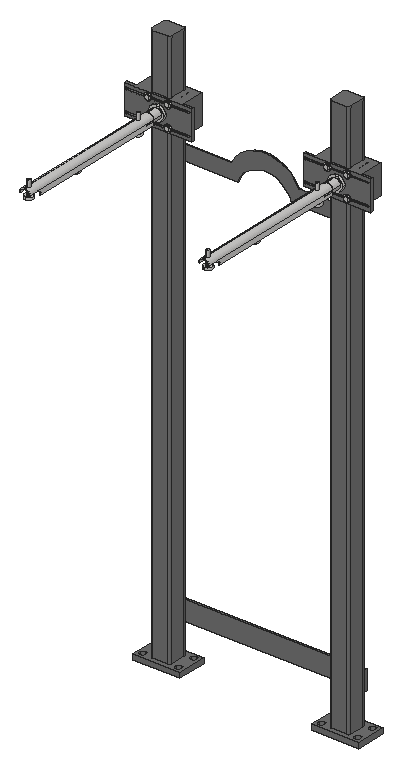
Revit family
Parameters (values of type "0710")
  Warranty = "1 year material and workmanship"
  Vent Connection Dia. = 0"
  URL = "http://JRSmith.com"
  Technical and Installation = "http://www.jrsmith.com/products/lav/techdata/td_index.htm"
  SmartBIM Object Version = 3  # constant formula
  SmartBIM Object Created By = "Reed Construction Data"  # constant formula
  Product URL = "http://www.jrsmith.com/products/lav/submittal/d0710.pdf"
  OmniClass Title = "Commercial Lavatories and Sinks"
  OmniClass Code = "22-22 42 16"
  Model = "0710"  # constant formula
  Max. Static Load = ""
  Material Finish = Duco Coated
  Material = "Cast Iron"
  Manufacturer = "Jay R. Smith Mfg. Co. "
  Locking Device Offset [instance] = 9"
  Description = "Labor Saver Lavatory Supports with Concealed Arms - Floor Mounted"
  Bolts = Stainless Steel Polished Brushed
  Assembly Code = "D2010310"
  Arm Spacing [instance] = 18"
  Arm Height [instance] = 50"
  95 CSI = "15050"  # constant formula
  04 CSI = "22 05 29"  # constant formula
Reference planes (in)
  plane 1 "Center (Front/Back)": y = 0
  plane 2: z = 0
  plane 3 "Center (Left/Right)": x = -15.69925
  plane 4: z = 50
  plane 5: y = 1.5
  plane 6: y = -1.5
  plane 7: z = 0.5
  plane 8: x = -26.51175
  plane 9: y = 0.9375
  plane 10: y = -0.9375
  plane 11: x = -4.88675
  plane 12: z = 57
  plane 13: x = -24.69925
  plane 14: x = -6.69925
  plane 15: x = -22.88675
  plane 16: x = -8.51175
  plane 17: x = -27.07425
  plane 18: x = -22.32425
  plane 19: x = -4.32425
  plane 20: x = -9.07425
  plane 21: x = -25.69925
  plane 22: x = -23.69925
  plane 23: x = -5.69925
  plane 24: x = -7.69925
  plane 25: y = 1
  plane 26: y = -1
  plane 27: z = 51.5
  plane 28: z = 48.5
  plane 29: y = -3.75
  plane 30: y = 1.25
  plane 31: y = -1.25
  plane 32: z = 51.07938
  plane 33: z = 48.92062
  plane 34: y = -2.5
  plane 35: z = 46.5
  plane 36: z = 45
  plane 37: y = -18
  plane 38: y = -11.5
  plane 39: y = -17.5
Forms (in)
  Extrusion 1, solid, material "Duco Coated" <- "Material Finish"
    sketch origin (0, 0, 0) x (1, 0, 0) y (0, 1, 0)
      loop
        line (-9.07425, 1.5) -> (-9.07425, -1.5) -> (-4.32425, -1.5) -> (-4.32425, 1.5) -> (-9.07425, 1.5)
      loop
        circle (-8.51175, 0.9375) r 0.3125
      loop
        circle (-8.51175, -0.9375) r 0.3125
      loop
        circle (-4.88675, -0.9375) r 0.3125
      loop
        circle (-4.88675, 0.9375) r 0.3125
      loop
        circle (-26.51175, -0.9375) r 0.3125
      loop
        circle (-22.88675, -0.9375) r 0.3125
      loop
        circle (-22.88675, 0.9375) r 0.3125
      loop
        circle (-26.51175, 0.9375) r 0.3125
      loop
        line (-22.32425, 1.5) -> (-27.07425, 1.5) -> (-27.07425, -1.5) -> (-22.32425, -1.5) -> (-22.32425, 1.5)
    from 0 to 0.5
  Extrusion 2, solid, material "Duco Coated" <- "Material Finish"
    sketch origin (0, 0, 0) x (1, 0, 0) y (0, 1, 0)
      loop
        line (-7.44925, -1) -> (-5.94925, -1)
        arc (-5.94925, -1) -> (-5.77248, -0.92678) -> (-5.69925, -0.75) r 0.25
        line (-5.69925, -0.75) -> (-5.69925, 0.75)
        arc (-5.69925, 0.75) -> (-5.77248, 0.92678) -> (-5.94925, 1) r 0.25
        line (-5.94925, 1) -> (-7.44925, 1)
        arc (-7.44925, 1) -> (-7.62603, 0.92678) -> (-7.69925, 0.75) r 0.25
        line (-7.69925, 0.75) -> (-7.69925, -0.75)
        arc (-7.69925, -0.75) -> (-7.62603, -0.92678) -> (-7.44925, -1) r 0.25
      loop
        line (-25.44925, -1) -> (-23.94925, -1)
        arc (-23.94925, -1) -> (-23.77248, -0.92678) -> (-23.69925, -0.75) r 0.25
        line (-23.69925, -0.75) -> (-23.69925, 0.75)
        arc (-23.69925, 0.75) -> (-23.77248, 0.92678) -> (-23.94925, 1) r 0.25
        line (-23.94925, 1) -> (-25.44925, 1)
        arc (-25.44925, 1) -> (-25.62603, 0.92678) -> (-25.69925, 0.75) r 0.25
        line (-25.69925, 0.75) -> (-25.69925, -0.75)
        arc (-25.69925, -0.75) -> (-25.62603, -0.92678) -> (-25.44925, -1) r 0.25
    from 0.5 to 57
  Extrusion 3, solid, material "Duco Coated" <- "Material Finish"
    sketch origin (0, 0, 0) x (1, 0, 0) y (0, 0, 1)
      loop
        line (-21.32425, 51.5) -> (-28.07425, 51.5) -> (-28.07425, 48.5) -> (-21.32425, 48.5) -> (-21.32425, 51.5)
      loop
        line (-10.07425, 51.5) -> (-10.07425, 48.5) -> (-3.32425, 48.5) -> (-3.32425, 51.5) -> (-10.07425, 51.5)
      loop
        arc (-9.82425, 51.20438) -> (-9.94925, 51.07938) -> (-9.82425, 50.95438) r 0.125
        line (-9.82425, 50.95438) -> (-3.57425, 50.95438)
        arc (-3.57425, 50.95438) -> (-3.44925, 51.07938) -> (-3.57425, 51.20438) r 0.125
        line (-3.57425, 51.20438) -> (-9.82425, 51.20438)
      loop
        line (-9.82425, 48.79562) -> (-3.57425, 48.79562)
        arc (-3.57425, 48.79562) -> (-3.44925, 48.92062) -> (-3.57425, 49.04562) r 0.125
        line (-3.57425, 49.04562) -> (-9.82425, 49.04562)
        arc (-9.82425, 49.04562) -> (-9.94925, 48.92062) -> (-9.82425, 48.79562) r 0.125
      loop
        line (-21.57425, 51.20438) -> (-27.82425, 51.20438)
        arc (-27.82425, 51.20438) -> (-27.94925, 51.07938) -> (-27.82425, 50.95438) r 0.125
        line (-27.82425, 50.95438) -> (-21.57425, 50.95438)
        arc (-21.57425, 50.95438) -> (-21.44925, 51.07938) -> (-21.57425, 51.20438) r 0.125
      loop
        arc (-21.57425, 48.79562) -> (-21.44925, 48.92062) -> (-21.57425, 49.04562) r 0.125
        line (-21.57425, 49.04562) -> (-27.82425, 49.04562)
        arc (-27.82425, 49.04562) -> (-27.94925, 48.92062) -> (-27.82425, 48.79562) r 0.125
        line (-27.82425, 48.79562) -> (-21.57425, 48.79562)
    from 1 to 1.25
  Extrusion 4, solid, material "Stainless Steel Polished Brushed" <- "Bolts"
    sketch origin (0, 0, 0) x (1, 0, 0) y (0, 0, 1)
      loop
        circle (-24.69925, 50) r 0.75
      loop
        circle (-24.69925, 50) r 0.5
      loop
        circle (-6.69925, 50) r 0.75
      loop
        circle (-6.69925, 50) r 0.5
    from 1.25 to 1.5
  Extrusion 5, solid, material "Stainless Steel Polished Brushed" <- "Bolts"
    sketch origin (0, 0, 0) x (1, 0, 0) y (0, 0, 1)
      loop
        circle (-24.69925, 50) r 0.5
      loop
        circle (-24.69925, 50) r 0.4375
    from 1.5 to 2.5
  Extrusion 6, solid, material "Duco Coated" <- "Material Finish"
    sketch origin (0, 0, 0) x (1, 0, 0) y (0, 0, 1)
      loop
        line (-24.69925, 46.5) -> (-24.69925, 45) -> (-18.40893, 45)
        arc (-18.40893, 45) -> (-15.69862, 46.89304) -> (-12.98832, 45) r 2.88673
        line (-12.98832, 45) -> (-6.69925, 45) -> (-6.69925, 46.5) -> (-12.32425, 46.5)
        arc (-12.32425, 46.5) -> (-15.69925, 48.54643) -> (-19.07425, 46.5) r 3.80626
        line (-19.07425, 46.5) -> (-24.69925, 46.5)
    from -1 to -0.9375
  Extrusion 7, solid, material "Stainless Steel Polished Brushed" <- "Bolts"
    sketch origin (-28.93228, 0, 2.08485) x (-1, 0, 0) y (0, 0, -1)
      loop
        circle (-22.23303, -47.91515) r 0.5
      loop
        circle (-22.23303, -47.91515) r 0.4375
    from 1.5 to 2.5
  Extrusion 8, solid, material "Stainless Steel Polished Brushed" <- "Bolts"
    sketch origin (0, 0, 0) x (1, 0, 0) y (0, 0, 1)
      loop
        circle (-24.69925, 50) r 0.4375
      loop
        circle (-6.69925, 50) r 0.4375
    from 2.5 to 3.75
  Extrusion 9, solid, material "Stainless Steel Polished Brushed" <- "Bolts"
    sketch origin (0, 0, 0) x (1, 0, 0) y (0, 0, 1)
      loop
        line (-24.26175, 50) -> (-24.26175, 49.5) -> (-24.19925, 49.5) -> (-24.19925, 50)
        arc (-24.19925, 50) -> (-24.69925, 50.5) -> (-25.19925, 50) r 0.5
        line (-25.19925, 50) -> (-25.19925, 49.5) -> (-25.13675, 49.5) -> (-25.13675, 50)
        arc (-25.13675, 50) -> (-24.69925, 50.4375) -> (-24.26175, 50) r 0.4375
      loop
        arc (-6.19925, 50) -> (-6.69925, 50.5) -> (-7.19925, 50) r 0.5
        line (-7.19925, 50) -> (-7.19925, 49.5) -> (-7.13675, 49.5) -> (-7.13675, 50)
        arc (-7.13675, 50) -> (-6.69925, 50.4375) -> (-6.26175, 50) r 0.4375
        line (-6.26175, 50) -> (-6.26175, 49.5) -> (-6.19925, 49.5) -> (-6.19925, 50)
    from 2.5 to 18
  Extrusion 10, void
    sketch origin (-15.69925, 0, 0) x (0, 1, 0) y (0, 0, 1)
      loop
        arc (-16.625, 49.5) -> (-16.77145, 49.85355) -> (-17.125, 50) r 0.5
        line (-17.125, 50) -> (-18, 50) -> (-18, 49.5) -> (-16.625, 49.5)
    from -11.375 to 11.375
  Revolve 11, solid, material "Stainless Steel Polished Brushed" <- "Bolts"
    sketch origin (-24.69925, 7.89065, 48) x (0, 1, 0) y (0, 0, 1)
      loop
        line (-25.39065, 3.07938) -> (-25.39065, 1.48254) -> (-24.9627, 1.48254) -> (-24.9627, 1.64755) -> (-25.25709, 1.64755) -> (-25.25709, 3.07938) -> (-25.39065, 3.07938)
      axis (-25.39065, 3.07938) -> (-25.39065, 1.48254)
    angle from 0 to 360
  Revolve 12, solid, material "Stainless Steel Polished Brushed" <- "Bolts"
    sketch origin (-6.69925, 7.89065, 48) x (0, 1, 0) y (0, 0, 1)
      loop
        line (-25.39065, 3.07938) -> (-25.39065, 1.48254) -> (-24.9627, 1.48254) -> (-24.9627, 1.64755) -> (-25.25709, 1.64755) -> (-25.25709, 3.07938) -> (-25.39065, 3.07938)
      axis (-25.39065, 3.07938) -> (-25.39065, 1.48254)
    angle from 0 to 360
  Revolve 13, solid, material "Stainless Steel Polished Brushed" <- "Bolts"
    sketch origin (-24.69925, 7.89065, 48) x (0, 1, 0) y (0, 0, 1)
      loop
        line (-19.07518, 1.5) -> (-19.39065, 1.5) -> (-19.39065, 1.08664) -> (-19.35693, 1.08664) -> (-19.31793, 1.08664) -> (-19.27521, 1.08664) -> (-19.23057, 1.08664) -> (-19.23057, 1.12462) -> (-19.23057, 1.16762) -> (-19.23057, 1.22) -> (-19.16328, 1.22) -> (-19.12427, 1.22) -> (-19.07518, 1.22) -> (-19.07518, 1.25677) -> (-19.07518, 1.29502) -> (-19.07518, 1.35067) -> (-19.07518, 1.40284) -> (-19.07518, 1.45153) -> (-19.07518, 1.5)
      axis (-19.39065, 1.5) -> (-19.39065, 1.08664)
    angle from 0 to 360
  Revolve 14, solid, material "Stainless Steel Polished Brushed" <- "Bolts"
    sketch origin (-24.69925, 7.89065, 48) x (0, 1, 0) y (0, 0, 1)
      loop
        line (-11.64065, 3.07938) -> (-11.64065, 1.13879) -> (-11.24395, 1.13879) -> (-11.24395, 1.3038) -> (-11.50709, 1.3038) -> (-11.50709, 3.07938) -> (-11.64065, 3.07938)
      axis (-11.64065, 3.07938) -> (-11.64065, 1.13879)
    angle from 0 to 360
  Revolve 15, solid, material "Stainless Steel Polished Brushed" <- "Bolts"
    sketch origin (-6.69925, 7.89065, 48) x (0, 1, 0) y (0, 0, 1)
      loop
        line (-19.07518, 1.5) -> (-19.39065, 1.5) -> (-19.39065, 1.08664) -> (-19.23057, 1.08664) -> (-19.23057, 1.22) -> (-19.07518, 1.22) -> (-19.07518, 1.5)
      axis (-19.39065, 1.5) -> (-19.39065, 1.08664)
    angle from 0 to 360
  Revolve 16, solid, material "Stainless Steel Polished Brushed" <- "Bolts"
    sketch origin (-6.69925, 7.89065, 48) x (0, 1, 0) y (0, 0, 1)
      loop
        line (-11.64065, 3.07938) -> (-11.64065, 1.13879) -> (-11.24395, 1.13879) -> (-11.24395, 1.3038) -> (-11.50709, 1.3038) -> (-11.50709, 3.07938) -> (-11.64065, 3.07938)
      axis (-11.64065, 3.07938) -> (-11.64065, 1.13879)
    angle from 0 to 360
  Extrusion 17, solid, material "Duco Coated" <- "Material Finish"
    sketch origin (0, 0, 0) x (1, 0, 0) y (0, 1, 0)
      loop
        line (-27.07425, -1) -> (-22.32425, -1) -> (-22.32425, 1.25) -> (-27.07425, 1.25) -> (-27.07425, -1)
      loop
        line (-4.32425, -1) -> (-4.32425, 1.25) -> (-9.07425, 1.25) -> (-9.07425, -1) -> (-4.32425, -1)
    from 48.5 to 51.5
  Extrusion 18, solid, material "Stainless Steel Polished Brushed" <- "Bolts"
    sketch origin (-24.69925, 7.89065, 48) x (0, 1, 0) y (0, 0, 1)
      loop
        line (-18.55442, 1.5) -> (-20.22688, 1.5) -> (-20.22688, 1.23158) -> (-20.01433, 1.3543) -> (-18.76696, 1.3543) -> (-18.55442, 1.23158) -> (-18.55442, 1.5)
    from -0.11513 to 0.12125
  Extrusion 19, solid, material "Stainless Steel Polished Brushed" <- "Bolts"
    sketch origin (-6.69925, 7.89065, 48) x (0, 1, 0) y (0, 0, -1)
      loop
        line (-18.55442, -1.5) -> (-18.55442, -1.23158) -> (-18.76696, -1.3543) -> (-20.01433, -1.3543) -> (-20.22688, -1.23158) -> (-20.22688, -1.5) -> (-18.55442, -1.5)
    from -0.11513 to 0.12125
  Extrusion 20, solid, material "Stainless Steel Polished Brushed" <- "Bolts"
    sketch origin (-15.69925, 0, 0) x (0, 1, 0) y (0, 0, 1)
      loop
        line (-10.66377, 49.5) -> (-10.66377, 49.62321) -> (-12.33623, 49.62321) -> (-12.33623, 49.5) -> (-10.66377, 49.5)
    from -9.5 to -8.5
  Extrusion 21, solid, material "Stainless Steel Polished Brushed" <- "Bolts"
    sketch origin (-15.69925, 0, 0) x (0, 1, 0) y (0, 0, 1)
      loop
        line (-10.66377, 49.5) -> (-10.66377, 49.62321) -> (-12.33623, 49.62321) -> (-12.33623, 49.5) -> (-10.66377, 49.5)
    from 8.5 to 9.5
  Extrusion 22, solid, material "Duco Coated" <- "Material Finish"
    sketch origin (-26.14057, 1, 48) x (-1, 0, 0) y (0, 0, 1)
      loop
        line (-0.44131, -44.5) -> (-0.44131, -42.5) -> (-20.44131, -42.5) -> (-20.44131, -44.5) -> (-0.44131, -44.5)
    from 0 to 0.25
Cuts and joins
  Extrusion 10 cuts Extrusion 9
  joined: Extrusion 4, Extrusion 8, Extrusion 9, Revolve 11, Revolve 12, Revolve 13, Revolve 14, Revolve 16, Extrusion 18, Extrusion 20, Extrusion 21
  joined: Revolve 15, Extrusion 19
  joined: Extrusion 1, Extrusion 2, Extrusion 3, Extrusion 6, Extrusion 17, Extrusion 22
Lines and regions (in)
  sketch lines
    curve 1: line (-75.69925, 60, 0) -> (44.30075, 60, 0)
    curve 2: line (-75.69925, 60, 0) -> (-75.69925, -60, 0)
    curve 3: line (-75.69925, -60, 0) -> (44.30075, -60, 0)
    curve 4: line (44.30075, 60, 0) -> (44.30075, -60, 0)
Dimensions and locks (in)
  equal spacing: curve 3, plane 1 "Center (Front/Back)", curve 1
  equal spacing: curve 4, plane 3 "Center (Left/Right)", curve 2
  curve 3 to curve 1 = 120"
  curve 2 to curve 4 = 120"
  "Arm Height": plane 4 to level
  equal spacing: plane 5, plane 1 "Center (Front/Back)", plane 6
  locked: plane 5 to plane 6 at 3
  locked: plane 7 to level at 0.5
  locked: plane 5 to plane 9 at 0.5625
  locked: plane 6 to plane 10 at 0.5625
  plane 8 to plane 11 = 21 5/8"
  locked: plane 12 to plane 4 at 7
  equal spacing: plane 13, plane 3 "Center (Left/Right)", plane 14
  "Arm Spacing": plane 13 to plane 14
  equal spacing: plane 8, plane 3 "Center (Left/Right)", plane 11
  plane 15 to plane 16 = 14 3/8"
  equal spacing: plane 15, plane 3 "Center (Left/Right)", plane 16
  equal spacing: plane 17, plane 13, plane 18
  locked: plane 17 to plane 18 at 4.75
  equal spacing: plane 19, plane 14, plane 20
  locked: plane 19 to plane 20 at 4.75
  equal spacing: plane 21, plane 13, plane 22
  locked: plane 21 to plane 22 at 2
  equal spacing: plane 23, plane 14, plane 24
  locked: plane 23 to plane 24 at 2
  equal spacing: plane 26, plane 1 "Center (Front/Back)", plane 25
  locked: plane 25 to plane 26 at 2
  locked: plane 27 to plane 28 at 3
  equal spacing: plane 27, plane 4, plane 28
  locked: plane 1 "Center (Front/Back)" to plane 29 at 3.75
  locked: plane 30 to plane 25 at 0.25
  locked: plane 26 to plane 31 at 0.25
  equal spacing: Extrusion 3 sketch curve, plane 13, Extrusion 3 sketch curve
  locked: Extrusion 3 sketch curve to Extrusion 3 sketch curve at 6.75  (x2)
  equal spacing: Extrusion 3 sketch curve, plane 14, Extrusion 3 sketch curve
  locked: Extrusion 3 sketch curve to Extrusion 3 sketch curve at 0.125  (x8)
  locked: Extrusion 3 sketch curve to Extrusion 3 sketch curve at 0.29562  (x2)
  locked: Extrusion 3 sketch curve to Extrusion 3 sketch curve at 0.25  (x4)
  locked: Extrusion 3 sketch curve to plane 28 at 0.29562
  locked: plane 27 to Extrusion 3 sketch curve at 0.29562
  equal spacing: plane 32, plane 4, plane 33
  locked: plane 32 to plane 33 at 2.15877
  locked: plane 34 to plane 6 at 1
  locked: plane 28 to plane 35 at 2
  locked: plane 35 to plane 36 at 1.5
  locked: plane 4 to Extrusion 9 sketch curve at 0.5  (x4)
  locked: plane 38 to plane 39 at 6
  locked: plane 39 to plane 37 at 0.5
  locked: Revolve 11 sketch curve to Revolve 11 sketch curve at 0.16501
  locked: Revolve 11 sketch curve to plane 39 at 0.13355
  locked: Revolve 12 sketch curve to Revolve 12 sketch curve at 0.16501
  "Locking Device Offset": plane 34 to plane 38
  locked: plane 17 to Extrusion 1 sketch curve at 0.5625  (x2)
  locked: Extrusion 1 sketch curve to plane 18 at 0.5625  (x2)
  locked: Extrusion 1 sketch curve to plane 19 at 0.5625  (x2)
  locked: plane 20 to Extrusion 1 sketch curve at 0.5625  (x2)
  locked: plane 5 to Extrusion 1 sketch curve at 0.5625  (x2)
  locked: plane 6 to Extrusion 1 sketch curve at 0.5625  (x2)
  locked: Revolve 14 sketch curve to Revolve 14 sketch curve at 0.16501
  locked: Revolve 14 sketch curve to Revolve 14 sketch curve at 0.13355  (x2)
  locked: Revolve 16 sketch curve to Revolve 16 sketch curve at 0.16501
  locked: Revolve 16 sketch curve to Revolve 16 sketch curve at 0.13355  (x2)
  locked: Extrusion 6 sketch curve to plane 35 at 0.39304
  locked: cut or joined group 1 (Extrusion 4, Extrusion 8, Extrusion 9, Extrusion 10, Revolve 11, Revolve 12, Revolve 13, Revolve 14, Revolve 16, Extrusion 18, Extrusion 20, Extrusion 21) to Extrusion 20 sketch curve at 0.12321
  Extrusion 22 sketch curve to Extrusion 22 sketch curve to plane 7 = 2" locked, 3" locked
  aligned and locked: Extrusion 1 sketch curve to plane 5
  aligned and locked: plane 9 to Extrusion 1 sketch curve  (x2)
  aligned and locked: plane 10 to Extrusion 1 sketch curve  (x2)
  aligned and locked: plane 7 to Extrusion 1
  aligned and locked: Extrusion 1 to host floor
  aligned and locked: plane 5 to Extrusion 1 sketch curve
  aligned and locked: plane 6 to Extrusion 1 sketch curve
  aligned and locked: plane 26 to Extrusion 2 sketch curve  (x2)
  aligned and locked: Extrusion 2 sketch curve to plane 23
  aligned and locked: Extrusion 2 sketch curve to plane 22
  aligned and locked: Extrusion 2 to plane 7
  aligned and locked: plane 12 to Extrusion 2
  aligned and locked: plane 27 to Extrusion 3 sketch curve
  aligned and locked: plane 28 to Extrusion 3 sketch curve
  aligned and locked: plane 31 to Extrusion 3
  aligned and locked: Extrusion 3 to plane 26
  aligned and locked: plane 1 "Center (Front/Back)" to nested 1
  aligned and locked: plane 32 to nested 1
  aligned and locked: plane 21 to nested 1
  aligned and locked: plane 13 to nested 1
  aligned and locked: nested 2 to plane 14
  aligned and locked: plane 32 to nested 2
  aligned and locked: plane 13 to Extrusion 4 sketch curve  (x2)
  aligned and locked: plane 4 to Extrusion 4 sketch curve  (x4)
  aligned and locked: Extrusion 4 to plane 31
  aligned and locked: plane 6 to Extrusion 4
  aligned and locked: Extrusion 5 sketch curve to cut or joined group 1  (x2)
  aligned and locked: Extrusion 5 to plane 34
  aligned and locked: Extrusion 5 to plane 6
  aligned and locked: plane 13 to Extrusion 5 sketch curve
  aligned and locked: plane 4 to Extrusion 5 sketch curve
  aligned and locked: Extrusion 6 sketch curve to plane 13
  aligned and locked: Extrusion 6 sketch curve to plane 35
  aligned and locked: Extrusion 6 sketch curve to plane 36
  aligned and locked: plane 14 to Extrusion 6 sketch curve
  aligned and locked: plane 25 to Extrusion 6
  aligned and locked: Extrusion 6 to plane 9
  aligned and locked: plane 14 to Extrusion 4 sketch curve  (x2)
  aligned and locked: plane 14 to Extrusion 7 sketch curve  (x2)
  aligned and locked: plane 4 to Extrusion 7 sketch curve  (x2)
  aligned and locked: Extrusion 4 to Extrusion 1
  aligned and locked: Extrusion 4 to Extrusion 3
  aligned and locked: Extrusion 7 to plane 6
  aligned and locked: plane 34 to Extrusion 7
  aligned and locked: Extrusion 8 sketch curve to Extrusion 5  (x2)
  aligned and locked: Extrusion 8 sketch curve to Extrusion 7  (x2)
  aligned and locked: Extrusion 8 to Extrusion 5
  aligned and locked: plane 29 to Extrusion 8
  aligned and locked: Extrusion 9 sketch curve to Extrusion 8  (x2)
  aligned and locked: Extrusion 9 sketch curve to Extrusion 5
  aligned and locked: Extrusion 9 to plane 37
  aligned and locked: Extrusion 9 to Extrusion 5
  aligned and locked: Extrusion 9 sketch curve to Extrusion 9 sketch curve  (x4)
  aligned and locked: Extrusion 9 sketch curve to Extrusion 7
  aligned and locked: cut or joined group 1 to Extrusion 10 sketch curve
  aligned and locked: Extrusion 10 sketch curve to cut or joined group 1  (x2)
  aligned and locked: plane 37 to Extrusion 10 sketch curve
  aligned and locked: plane 17 to Extrusion 10
  aligned and locked: Extrusion 10 to plane 19
  aligned and locked: Revolve 11 sketch curve to plane 39  (x2)
  aligned and locked: plane 32 to Revolve 11 sketch curve
  aligned and locked: Revolve 13 sketch curve to plane 38  (x2)
  aligned and locked: cut or joined group 1 to Revolve 13 sketch curve
  aligned and locked: Revolve 14 sketch curve to plane 32
  aligned and locked: Revolve 14 sketch curve to plane 29
  aligned and locked: Extrusion 17 sketch curve to plane 17
  aligned and locked: plane 18 to Extrusion 17 sketch curve
  aligned and locked: Extrusion 17 sketch curve to plane 30
  aligned and locked: plane 27 to Extrusion 17
  aligned and locked: plane 28 to Extrusion 17
  aligned and locked: plane 30 to Extrusion 17 sketch curve
  aligned and locked: Extrusion 17 sketch curve to plane 20
  aligned and locked: plane 19 to Extrusion 17 sketch curve
  aligned and locked: Extrusion 18 sketch curve to cut or joined group 1
  aligned and locked: cut or joined group 1 to Extrusion 20
  aligned and locked: Extrusion 20 to cut or joined group 1
  aligned and locked: Extrusion 21 sketch curve to cut or joined group 1  (x2)
  aligned and locked: cut or joined group 1 to Extrusion 21 sketch curve
  aligned and locked: Extrusion 21 to cut or joined group 1
  aligned and locked: cut or joined group 1 to Extrusion 21
  aligned and locked: plane 21 to Extrusion 22 sketch curve
  aligned and locked: Extrusion 22 sketch curve to plane 23
Automatic sketch dimensions
  Extrusion 1 sketch curve to plane 17 = 0"
  Extrusion 1 sketch curve to plane 18 = 0"
  Extrusion 1 sketch curve to plane 20 = 0"
  Extrusion 1 sketch curve to plane 6 = 0"
  Extrusion 1 sketch curve to plane 19 = 0"
  Extrusion 2 sketch curve to plane 21 = 0"
  Extrusion 2 sketch curve to plane 25 = 0"  (x2)
  Extrusion 2 sketch curve to plane 24 = 0"
  plane 21 to Extrusion 2 sketch curve = 1/4"
  Extrusion 2 sketch curve to plane 10 = 3/16"  (x3)
  plane 22 to Extrusion 2 sketch curve = 1/4"
  Extrusion 2 sketch curve to plane 9 = 3/16"  (x2)
  plane 24 to Extrusion 2 sketch curve = 1/4"
  Extrusion 3 sketch curve to plane 28 = 0"
  Extrusion 3 sketch curve to plane 32 = 0"
  Extrusion 5 sketch curve to Extrusion 5 sketch curve = 1/16"
  Extrusion 7 sketch curve to Extrusion 7 sketch curve = 7/16"
  Extrusion 7 sketch curve to Extrusion 7 sketch curve = 1/16"
  Extrusion 10 sketch curve to plane 39 = 3/8"
  Revolve 11 sketch curve to Revolve 11 sketch curve = 0.2944"
  Revolve 11 sketch curve to plane 4 = 0.35245"
  plane 7 to Revolve 11 sketch curve = 7.92433"
  plane 12 to Revolve 11 sketch curve = 8.11197"
  Revolve 12 sketch curve to plane 32 = 0"
  Revolve 12 sketch curve to plane 39 = 0"  (x2)
  Revolve 12 sketch curve to Revolve 12 sketch curve = 0.13355"
  Revolve 12 sketch curve to Revolve 12 sketch curve = 0.2944"
  plane 4 to Revolve 12 sketch curve = 0.35245"
  Revolve 12 sketch curve to plane 7 = 7.92433"
  Revolve 12 sketch curve to plane 12 = 8.11197"
  Revolve 13 sketch curve to plane 38 = 0.03372"
  Revolve 13 sketch curve to Revolve 13 sketch curve = 0.039"  (x2)
  Revolve 13 sketch curve to Revolve 13 sketch curve = 0.04272"
  Revolve 13 sketch curve to Revolve 13 sketch curve = 0.04464"
  Revolve 13 sketch curve to Revolve 13 sketch curve = 0.06729"
  Revolve 13 sketch curve to Revolve 13 sketch curve = 0.04909"
  Revolve 13 sketch curve to Revolve 13 sketch curve = 0.04847"
  Revolve 13 sketch curve to Revolve 13 sketch curve = 0.04869"
  Revolve 13 sketch curve to Revolve 13 sketch curve = 0.05217"
  Revolve 13 sketch curve to Revolve 13 sketch curve = 0.05565"
  Revolve 13 sketch curve to Revolve 13 sketch curve = 0.03826"
  Revolve 13 sketch curve to Revolve 13 sketch curve = 0.03677"
  Revolve 13 sketch curve to Revolve 13 sketch curve = 0.05238"
  Revolve 13 sketch curve to Revolve 13 sketch curve = 0.043"
  Revolve 13 sketch curve to Revolve 13 sketch curve = 0.03798"
  plane 7 to Revolve 13 sketch curve = 7.92433"
  plane 12 to Revolve 13 sketch curve = 11.36197"
  Revolve 14 sketch curve to Revolve 14 sketch curve = 0.26315"
  Revolve 14 sketch curve to plane 33 = 0.38318"
  plane 7 to Revolve 14 sketch curve = 7.92433"
  plane 12 to Revolve 14 sketch curve = 8.11197"
  Revolve 15 sketch curve to plane 38 = 0"  (x2)
  Revolve 15 sketch curve to Revolve 15 sketch curve = 0.16008"
  Revolve 15 sketch curve to Revolve 15 sketch curve = 0.31546"
  Revolve 15 sketch curve to plane 7 = 7.92433"
  plane 33 to Revolve 15 sketch curve = 0.16603"
  Revolve 15 sketch curve to Revolve 15 sketch curve = 0.13336"
  Revolve 15 sketch curve to Revolve 15 sketch curve = 0.28"
  Revolve 15 sketch curve to plane 12 = 11.36197"
  Revolve 16 sketch curve to plane 29 = 0"
  Revolve 16 sketch curve to plane 32 = 0"
  Revolve 16 sketch curve to Revolve 16 sketch curve = 0.26315"
  plane 33 to Revolve 16 sketch curve = 0.38318"
  Revolve 16 sketch curve to plane 7 = 7.92433"
  Revolve 16 sketch curve to plane 12 = 8.11197"
  plane 38 to Extrusion 18 sketch curve = 0.83623"
  Extrusion 18 sketch curve to Extrusion 18 sketch curve = 0.21255"  (x2)
  Extrusion 18 sketch curve to plane 38 = 0.62368"
  Extrusion 18 sketch curve to Extrusion 18 sketch curve = 0.1457"
  Extrusion 18 sketch curve to Extrusion 18 sketch curve = 0.12271"  (x2)
  Extrusion 19 sketch curve to plane 38 = 0.83623"
  Extrusion 19 sketch curve to Extrusion 19 sketch curve = 0.21255"  (x2)
  plane 38 to Extrusion 19 sketch curve = 0.62368"
  plane 33 to Extrusion 19 sketch curve = 0.31096"  (x2)
  Extrusion 19 sketch curve to Extrusion 19 sketch curve = 0.12271"
  Extrusion 19 sketch curve to Extrusion 19 sketch curve = 0.1457"
  Extrusion 6 sketch curve to plane 3 "Center (Left/Right)" = 0"
  Extrusion 6 sketch curve to plane 36 = 0"
  Extrusion 6 sketch curve to plane 35 = 0"
  Extrusion 6 sketch curve to Extrusion 6 sketch curve = 0.66532"
  plane 3 "Center (Left/Right)" to Extrusion 6 sketch curve = 0.00063"
  Extrusion 6 sketch curve to plane 36 = 0.25983"
  Extrusion 6 sketch curve to Extrusion 6 sketch curve = 0.73386"
  plane 38 to Extrusion 20 sketch curve = 0.83623"
  Extrusion 20 sketch curve to plane 38 = 0.83623"
  Extrusion 20 sketch curve to Extrusion 20 sketch curve = 0.12321"
  Extrusion 21 sketch curve to plane 38 = 0.83623"
  radius of Extrusion 1 sketch curve = 5/16"  (x8)
  radius of Extrusion 4 sketch curve = 3/4"  (x2)
  radius of Extrusion 4 sketch curve = 1/2"  (x2)
Nested families (in)
  nested 1: "Bolts" at (-25.69925, 0, 51.07938), type "Bolts"
  nested 2: "Bolts" at (-7.69925, 0, 51.07938), type "Bolts"
Definition of nested family "Bolts"
  Parameters
    Bolts = none
  Reference planes (in)
    plane 1 "Center (Front/Back)": y = 0
    plane 2: z = 0
    plane 3 "Center (Left/Right)": x = 0
    plane 4: y = 1.25
    plane 5: y = -1.25
    plane 6: x = 2
    plane 7: x = 1
  Forms (in)
    Revolve 1, solid, material <- "Bolts"
      sketch origin (0, 0, 0) x (1, 0, 0) y (0, 1, 0)
        loop
          line (0, 1.31659) -> (-0.10871, 1.31659) -> (-0.14133, 1.31659) -> (-0.17288, 1.31659) -> (-0.20846, 1.31659) -> (-0.24083, 1.31659) -> (-0.27463, 1.31659) -> (-0.3125, 1.31659)
          arc (-0.3125, 1.31659) -> (-0.32915, 1.31213) -> (-0.34133, 1.29994) r 0.0333
          arc (-0.34133, 1.29994) -> (-0.3458, 1.2833) -> (-0.34133, 1.26665) r 0.0333
          arc (-0.34133, 1.26665) -> (-0.32915, 1.25446) -> (-0.3125, 1.25) r 0.0333
          line (-0.3125, 1.25) -> (-0.26431, 1.25) -> (-0.22283, 1.25) -> (-0.19135, 1.25) -> (-0.09375, 1.25) -> (-0.09375, -1.25) -> (-0.19135, -1.25) -> (-0.22283, -1.25) -> (-0.26431, -1.25) -> (-0.3125, -1.25)
          arc (-0.3125, -1.25) -> (-0.32915, -1.25446) -> (-0.34133, -1.26665) r 0.0333
          arc (-0.34133, -1.26665) -> (-0.3458, -1.2833) -> (-0.34133, -1.29994) r 0.0333
          arc (-0.34133, -1.29994) -> (-0.32915, -1.31213) -> (-0.3125, -1.31659) r 0.0333
          line (-0.3125, -1.31659) -> (-0.27463, -1.31659) -> (-0.24083, -1.31659) -> (-0.20846, -1.31659) -> (-0.17288, -1.31659) -> (-0.14133, -1.31659) -> (-0.10871, -1.31659) -> (0, -1.31659) -> (0, 1.31659)
        axis (0, -1.31659) -> (0, 1.31659)
      angle from 0 to 360
    Extrusion 2, solid, material <- "Bolts"
      sketch origin (0, 0.16084, 0) x (1, 0, 0) y (0, 0, 1)
        loop
          line (0, 0.21651) -> (-0.1875, 0.10825) -> (-0.1875, -0.10825) -> (0, -0.21651) -> (0.1875, -0.10825) -> (0.1875, 0.10825) -> (0, 0.21651)
      from 1.4739 to 1.61895
    Extrusion 3, solid, material <- "Bolts"
      sketch origin (0, -0.16084, 0) x (1, 0, 0) y (0, 0, -1)
        loop
          line (0, -0.21651) -> (0.1875, -0.10825) -> (0.1875, 0.10825) -> (0, 0.21651) -> (-0.1875, 0.10825) -> (-0.1875, -0.10825) -> (0, -0.21651)
      from 1.4739 to 1.61895
    Revolve 4, solid, material <- "Bolts"
      sketch origin (2, 0, 0) x (-1, 0, 0) y (0, 1, 0)
        loop
          line (0, 1.31659) -> (-0.10871, 1.31659) -> (-0.14133, 1.31659) -> (-0.17288, 1.31659) -> (-0.20846, 1.31659) -> (-0.24083, 1.31659) -> (-0.27463, 1.31659) -> (-0.3125, 1.31659)
          arc (-0.3125, 1.31659) -> (-0.32915, 1.31213) -> (-0.34133, 1.29994) r 0.0333
          arc (-0.34133, 1.29994) -> (-0.3458, 1.2833) -> (-0.34133, 1.26665) r 0.0333
          arc (-0.34133, 1.26665) -> (-0.32915, 1.25446) -> (-0.3125, 1.25) r 0.0333
          line (-0.3125, 1.25) -> (-0.26431, 1.25) -> (-0.22283, 1.25) -> (-0.19135, 1.25) -> (-0.09375, 1.25) -> (-0.09375, -1.25) -> (-0.19135, -1.25) -> (-0.22283, -1.25) -> (-0.26431, -1.25) -> (-0.3125, -1.25)
          arc (-0.3125, -1.25) -> (-0.32915, -1.25446) -> (-0.34133, -1.26665) r 0.0333
          arc (-0.34133, -1.26665) -> (-0.3458, -1.2833) -> (-0.34133, -1.29994) r 0.0333
          arc (-0.34133, -1.29994) -> (-0.32915, -1.31213) -> (-0.3125, -1.31659) r 0.0333
          line (-0.3125, -1.31659) -> (-0.27463, -1.31659) -> (-0.24083, -1.31659) -> (-0.20846, -1.31659) -> (-0.17288, -1.31659) -> (-0.14133, -1.31659) -> (-0.10871, -1.31659) -> (0, -1.31659) -> (0, 1.31659)
        axis (0, -1.31659) -> (0, 1.31659)
      angle from 0 to 360
    Extrusion 5, solid, material <- "Bolts"
      sketch origin (2, 0.16084, 0) x (-1, 0, 0) y (0, 0, -1)
        loop
          line (0, -0.21651) -> (0.1875, -0.10825) -> (0.1875, 0.10825) -> (0, 0.21651) -> (-0.1875, 0.10825) -> (-0.1875, -0.10825) -> (0, -0.21651)
      from 1.4739 to 1.61895
    Extrusion 6, solid, material <- "Bolts"
      sketch origin (2, -0.16084, 0) x (-1, 0, 0) y (0, 0, 1)
        loop
          line (0, 0.21651) -> (-0.1875, 0.10825) -> (-0.1875, -0.10825) -> (0, -0.21651) -> (0.1875, -0.10825) -> (0.1875, 0.10825) -> (0, 0.21651)
      from 1.4739 to 1.61895
    Revolve 7, solid, material <- "Bolts"
      sketch origin (0, 0, -2.16016) x (1, 0, 0) y (0, 1, 0)
        loop
          line (0, 1.31659) -> (-0.10871, 1.31659) -> (-0.14133, 1.31659) -> (-0.17288, 1.31659) -> (-0.20846, 1.31659) -> (-0.24083, 1.31659) -> (-0.27463, 1.31659) -> (-0.3125, 1.31659)
          arc (-0.3125, 1.31659) -> (-0.32915, 1.31213) -> (-0.34133, 1.29994) r 0.0333
          arc (-0.34133, 1.29994) -> (-0.3458, 1.2833) -> (-0.34133, 1.26665) r 0.0333
          arc (-0.34133, 1.26665) -> (-0.32915, 1.25446) -> (-0.3125, 1.25) r 0.0333
          line (-0.3125, 1.25) -> (-0.26431, 1.25) -> (-0.22283, 1.25) -> (-0.19135, 1.25) -> (-0.09375, 1.25) -> (-0.09375, -1.25) -> (-0.19135, -1.25) -> (-0.22283, -1.25) -> (-0.26431, -1.25) -> (-0.3125, -1.25)
          arc (-0.3125, -1.25) -> (-0.32915, -1.25446) -> (-0.34133, -1.26665) r 0.0333
          arc (-0.34133, -1.26665) -> (-0.3458, -1.2833) -> (-0.34133, -1.29994) r 0.0333
          arc (-0.34133, -1.29994) -> (-0.32915, -1.31213) -> (-0.3125, -1.31659) r 0.0333
          line (-0.3125, -1.31659) -> (-0.27463, -1.31659) -> (-0.24083, -1.31659) -> (-0.20846, -1.31659) -> (-0.17288, -1.31659) -> (-0.14133, -1.31659) -> (-0.10871, -1.31659) -> (0, -1.31659) -> (0, 1.31659)
        axis (0, -1.31659) -> (0, 1.31659)
      angle from 0 to 360
    Extrusion 8, solid, material <- "Bolts"
      sketch origin (0, 0.16084, -2.16016) x (1, 0, 0) y (0, 0, 1)
        loop
          line (0, 0.21651) -> (-0.1875, 0.10825) -> (-0.1875, -0.10825) -> (0, -0.21651) -> (0.1875, -0.10825) -> (0.1875, 0.10825) -> (0, 0.21651)
      from 1.4739 to 1.61895
    Extrusion 9, solid, material <- "Bolts"
      sketch origin (0, -0.16084, -2.16016) x (1, 0, 0) y (0, 0, -1)
        loop
          line (0, -0.21651) -> (0.1875, -0.10825) -> (0.1875, 0.10825) -> (0, 0.21651) -> (-0.1875, 0.10825) -> (-0.1875, -0.10825) -> (0, -0.21651)
      from 1.4739 to 1.61895
    Revolve 10, solid, material <- "Bolts"
      sketch origin (2, 0, -2.16016) x (-1, 0, 0) y (0, 1, 0)
        loop
          line (0, 1.31659) -> (-0.10871, 1.31659) -> (-0.14133, 1.31659) -> (-0.17288, 1.31659) -> (-0.20846, 1.31659) -> (-0.24083, 1.31659) -> (-0.27463, 1.31659) -> (-0.3125, 1.31659)
          arc (-0.3125, 1.31659) -> (-0.32915, 1.31213) -> (-0.34133, 1.29994) r 0.0333
          arc (-0.34133, 1.29994) -> (-0.3458, 1.2833) -> (-0.34133, 1.26665) r 0.0333
          arc (-0.34133, 1.26665) -> (-0.32915, 1.25446) -> (-0.3125, 1.25) r 0.0333
          line (-0.3125, 1.25) -> (-0.26431, 1.25) -> (-0.22283, 1.25) -> (-0.19135, 1.25) -> (-0.09375, 1.25) -> (-0.09375, -1.25) -> (-0.19135, -1.25) -> (-0.22283, -1.25) -> (-0.26431, -1.25) -> (-0.3125, -1.25)
          arc (-0.3125, -1.25) -> (-0.32915, -1.25446) -> (-0.34133, -1.26665) r 0.0333
          arc (-0.34133, -1.26665) -> (-0.3458, -1.2833) -> (-0.34133, -1.29994) r 0.0333
          arc (-0.34133, -1.29994) -> (-0.32915, -1.31213) -> (-0.3125, -1.31659) r 0.0333
          line (-0.3125, -1.31659) -> (-0.27463, -1.31659) -> (-0.24083, -1.31659) -> (-0.20846, -1.31659) -> (-0.17288, -1.31659) -> (-0.14133, -1.31659) -> (-0.10871, -1.31659) -> (0, -1.31659) -> (0, 1.31659)
        axis (0, -1.31659) -> (0, 1.31659)
      angle from 0 to 360
    Extrusion 11, solid, material <- "Bolts"
      sketch origin (2, 0.16084, -2.16016) x (-1, 0, 0) y (0, 0, -1)
        loop
          line (0, -0.21651) -> (0.1875, -0.10825) -> (0.1875, 0.10825) -> (0, 0.21651) -> (-0.1875, 0.10825) -> (-0.1875, -0.10825) -> (0, -0.21651)
      from 1.4739 to 1.61895
    Extrusion 12, solid, material <- "Bolts"
      sketch origin (2, -0.16084, -2.16016) x (-1, 0, 0) y (0, 0, 1)
        loop
          line (0, 0.21651) -> (-0.1875, 0.10825) -> (-0.1875, -0.10825) -> (0, -0.21651) -> (0.1875, -0.10825) -> (0.1875, 0.10825) -> (0, 0.21651)
      from 1.4739 to 1.61895
  Cuts and joins
    joined: Revolve 1, Revolve 4, Revolve 7, Revolve 10
    joined: Extrusion 2, Extrusion 3, Extrusion 5, Extrusion 6, Extrusion 8, Extrusion 9, Extrusion 11, Extrusion 12
  Dimensions and locks (in)
    locked: plane 5 to plane 4 at 2.5
    equal spacing: plane 5, plane 1 "Center (Front/Back)", plane 4
    plane 4 to Revolve 1 sketch curve = 0"
    Revolve 1 sketch curve to plane 3 "Center (Left/Right)" = 3/32"
    locked: Revolve 1 sketch curve to plane 4 at 0.06659
    locked: Extrusion 3 to plane 4 at 0.2081
    locked: Extrusion 2 to plane 5 at 0.2081
    locked: plane 3 "Center (Left/Right)" to plane 6 at 2
    equal spacing: plane 3 "Center (Left/Right)", plane 7, plane 6
    aligned and locked: Revolve 1 sketch curve to plane 3 "Center (Left/Right)"
    aligned and locked: plane 3 "Center (Left/Right)" to Revolve 1 sketch curve
    aligned and locked: plane 6 to Revolve 4 sketch curve
    aligned and locked: Revolve 4 sketch curve to plane 6
  Automatic sketch dimensions
    Revolve 1 sketch curve to Revolve 1 sketch curve = 0"  (x11)
    Revolve 1 sketch curve to plane 5 = 0"
    Revolve 1 sketch curve to Revolve 1 sketch curve = 0.01496"  (x2)
    Revolve 1 sketch curve to Revolve 1 sketch curve = 0.03262"  (x2)
    Revolve 1 sketch curve to Revolve 1 sketch curve = 0.03154"  (x2)
    Revolve 1 sketch curve to Revolve 1 sketch curve = 0.01848"  (x2)
    Revolve 1 sketch curve to Revolve 1 sketch curve = 0.03559"  (x2)
    Revolve 1 sketch curve to Revolve 1 sketch curve = 0.03148"  (x2)
    Revolve 1 sketch curve to Revolve 1 sketch curve = 0.03237"  (x2)
    Revolve 1 sketch curve to Revolve 1 sketch curve = 0.04148"  (x2)
    Revolve 1 sketch curve to Revolve 1 sketch curve = 0.03379"  (x2)
    Revolve 1 sketch curve to Revolve 1 sketch curve = 0.03787"  (x2)
    plane 5 to Revolve 1 sketch curve = 0.01665"
    Revolve 1 sketch curve to Revolve 1 sketch curve = 0.02883"  (x3)
    plane 4 to Revolve 1 sketch curve = 0.01665"
    Revolve 1 sketch curve to Revolve 1 sketch curve = 0.43341"
    Revolve 1 sketch curve to Revolve 1 sketch curve = 1/2"
    Extrusion 2 sketch curve to plane 3 "Center (Left/Right)" = 0"  (x2)
    Extrusion 2 sketch curve to plane 3 "Center (Left/Right)" = 3/16"
    plane 3 "Center (Left/Right)" to Extrusion 2 sketch curve = 3/16"
    Extrusion 2 sketch curve to level = 0.21651"
    Extrusion 2 sketch curve to level = 0.10825"  (x2)
    level to Extrusion 2 sketch curve = 0.10825"  (x2)
    Extrusion 2 sketch curve to Extrusion 2 sketch curve = 0.10825"
    Extrusion 3 sketch curve to plane 3 "Center (Left/Right)" = 0"  (x2)
    Extrusion 3 sketch curve to plane 3 "Center (Left/Right)" = 3/16"
    plane 3 "Center (Left/Right)" to Extrusion 3 sketch curve = 3/16"
    level to Extrusion 3 sketch curve = 0.21651"
    level to Extrusion 3 sketch curve = 0.10825"  (x2)
    Extrusion 3 sketch curve to level = 0.10825"  (x2)
    Extrusion 3 sketch curve to level = 0.21651"
    Revolve 4 sketch curve to Revolve 4 sketch curve = 0"  (x12)
    Revolve 4 sketch curve to plane 5 = 0"
    Revolve 4 sketch curve to plane 4 = 0"
    Revolve 4 sketch curve to plane 6 = 3/32"
    Revolve 4 sketch curve to Revolve 4 sketch curve = 0.01496"  (x2)
    Revolve 4 sketch curve to Revolve 4 sketch curve = 0.03262"  (x2)
    Revolve 4 sketch curve to Revolve 4 sketch curve = 0.03154"  (x2)
    Revolve 4 sketch curve to Revolve 4 sketch curve = 0.01848"  (x2)
    Revolve 4 sketch curve to Revolve 4 sketch curve = 0.03559"  (x2)
    Revolve 4 sketch curve to Revolve 4 sketch curve = 0.03148"  (x2)
    Revolve 4 sketch curve to Revolve 4 sketch curve = 0.03237"  (x2)
    Revolve 4 sketch curve to Revolve 4 sketch curve = 0.04148"  (x2)
    Revolve 4 sketch curve to Revolve 4 sketch curve = 0.03379"  (x2)
    Revolve 4 sketch curve to Revolve 4 sketch curve = 0.03787"  (x2)
    Revolve 4 sketch curve to plane 5 = 0.01665"
    Revolve 4 sketch curve to Revolve 4 sketch curve = 0.02883"  (x4)
    Revolve 4 sketch curve to plane 4 = 0.01665"
    Revolve 4 sketch curve to Revolve 4 sketch curve = 0.43341"
    Revolve 4 sketch curve to Revolve 4 sketch curve = 1/2"
    Extrusion 5 sketch curve to plane 6 = 0"  (x2)
    plane 6 to Extrusion 5 sketch curve = 3/16"
    Extrusion 5 sketch curve to plane 6 = 3/16"
    level to Extrusion 5 sketch curve = 0.21651"
    level to Extrusion 5 sketch curve = 0.10825"  (x2)
    Extrusion 5 sketch curve to level = 0.10825"  (x2)
    Extrusion 5 sketch curve to level = 0.21651"
    Extrusion 6 sketch curve to plane 6 = 0"  (x2)
    plane 6 to Extrusion 6 sketch curve = 3/16"
    Extrusion 6 sketch curve to plane 6 = 3/16"
    Extrusion 6 sketch curve to level = 0.21651"
    Extrusion 6 sketch curve to level = 0.10825"  (x2)
    level to Extrusion 6 sketch curve = 0.10825"  (x2)
    Extrusion 6 sketch curve to Extrusion 6 sketch curve = 0.10825"
    Revolve 7 sketch curve to Revolve 7 sketch curve = 0"  (x13)
    Revolve 7 sketch curve to plane 5 = 0"
    Revolve 7 sketch curve to plane 4 = 0"
    Revolve 7 sketch curve to plane 3 "Center (Left/Right)" = 0"  (x2)
    Revolve 7 sketch curve to plane 3 "Center (Left/Right)" = 3/32"
    Revolve 7 sketch curve to Revolve 7 sketch curve = 0.01496"  (x2)
    Revolve 7 sketch curve to Revolve 7 sketch curve = 0.03262"  (x2)
    Revolve 7 sketch curve to Revolve 7 sketch curve = 0.03154"  (x2)
    Revolve 7 sketch curve to Revolve 7 sketch curve = 0.01848"  (x2)
    Revolve 7 sketch curve to Revolve 7 sketch curve = 0.03559"  (x2)
    Revolve 7 sketch curve to Revolve 7 sketch curve = 0.03148"  (x2)
    Revolve 7 sketch curve to Revolve 7 sketch curve = 0.03237"  (x2)
    Revolve 7 sketch curve to Revolve 7 sketch curve = 0.04148"  (x2)
    Revolve 7 sketch curve to Revolve 7 sketch curve = 0.03379"  (x2)
    Revolve 7 sketch curve to Revolve 7 sketch curve = 0.03787"  (x2)
    plane 5 to Revolve 7 sketch curve = 0.01665"
    Revolve 7 sketch curve to Revolve 7 sketch curve = 0.02883"  (x3)
    plane 4 to Revolve 7 sketch curve = 0.01665"
    Revolve 7 sketch curve to Revolve 7 sketch curve = 0.43341"
    Revolve 7 sketch curve to Revolve 7 sketch curve = 1/2"
    Extrusion 8 sketch curve to plane 3 "Center (Left/Right)" = 0"  (x2)
    Extrusion 8 sketch curve to plane 3 "Center (Left/Right)" = 3/16"
    plane 3 "Center (Left/Right)" to Extrusion 8 sketch curve = 3/16"
    Extrusion 8 sketch curve to level = 2.37666"
    Extrusion 8 sketch curve to Extrusion 8 sketch curve = 0.10825"  (x3)
    Extrusion 8 sketch curve to Extrusion 8 sketch curve = 0.21651"  (x2)
    Extrusion 9 sketch curve to plane 3 "Center (Left/Right)" = 0"  (x2)
    Extrusion 9 sketch curve to plane 3 "Center (Left/Right)" = 3/16"
    plane 3 "Center (Left/Right)" to Extrusion 9 sketch curve = 3/16"
    Extrusion 9 sketch curve to level = 1.94365"
    Extrusion 9 sketch curve to Extrusion 9 sketch curve = 0.10825"  (x3)
    Extrusion 9 sketch curve to Extrusion 9 sketch curve = 0.21651"  (x2)
    Revolve 10 sketch curve to Revolve 10 sketch curve = 0"  (x12)
    Revolve 10 sketch curve to plane 5 = 0"
    Revolve 10 sketch curve to plane 4 = 0"
    Revolve 10 sketch curve to plane 6 = 0"  (x2)
    Revolve 10 sketch curve to plane 6 = 3/32"
    Revolve 10 sketch curve to Revolve 10 sketch curve = 0.01496"  (x2)
    Revolve 10 sketch curve to Revolve 10 sketch curve = 0.03262"  (x2)
    Revolve 10 sketch curve to Revolve 10 sketch curve = 0.03154"  (x2)
    Revolve 10 sketch curve to Revolve 10 sketch curve = 0.01848"  (x2)
    Revolve 10 sketch curve to Revolve 10 sketch curve = 0.03559"  (x2)
    Revolve 10 sketch curve to Revolve 10 sketch curve = 0.03148"  (x2)
    Revolve 10 sketch curve to Revolve 10 sketch curve = 0.03237"  (x2)
    Revolve 10 sketch curve to Revolve 10 sketch curve = 0.04148"  (x2)
    Revolve 10 sketch curve to Revolve 10 sketch curve = 0.03379"  (x2)
    Revolve 10 sketch curve to Revolve 10 sketch curve = 0.03787"  (x2)
    Revolve 10 sketch curve to plane 5 = 0.01665"
    Revolve 10 sketch curve to Revolve 10 sketch curve = 0.02883"  (x4)
    Revolve 10 sketch curve to plane 4 = 0.01665"
    Revolve 10 sketch curve to Revolve 10 sketch curve = 0.43341"
    Revolve 10 sketch curve to Revolve 10 sketch curve = 1/2"
    Extrusion 11 sketch curve to plane 6 = 0"  (x2)
    plane 6 to Extrusion 11 sketch curve = 3/16"
    Extrusion 11 sketch curve to plane 6 = 3/16"
    Extrusion 11 sketch curve to level = 1.94365"
    Extrusion 11 sketch curve to Extrusion 11 sketch curve = 0.10825"  (x3)
    Extrusion 11 sketch curve to Extrusion 11 sketch curve = 0.21651"  (x2)
    Extrusion 12 sketch curve to plane 6 = 0"  (x2)
    plane 6 to Extrusion 12 sketch curve = 3/16"
    Extrusion 12 sketch curve to plane 6 = 3/16"
    Extrusion 12 sketch curve to level = 2.37666"
    Extrusion 12 sketch curve to Extrusion 12 sketch curve = 0.10825"  (x3)
    Extrusion 12 sketch curve to Extrusion 12 sketch curve = 0.21651"  (x2)
